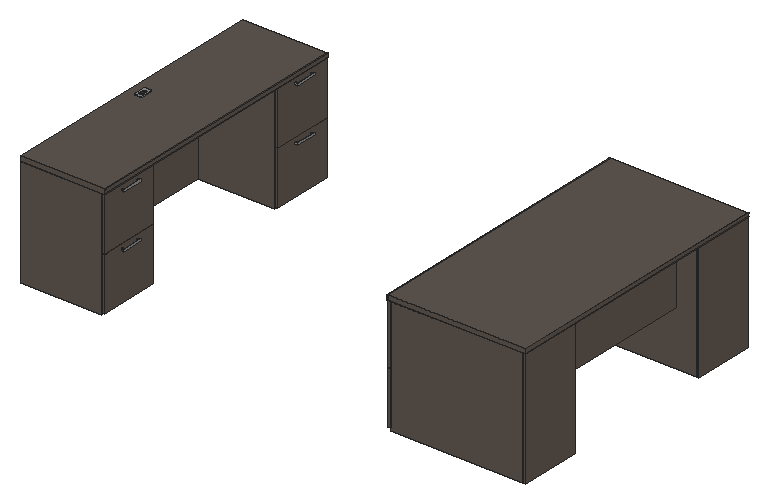
Revit family "T100295", category Furniture, Revit 2022
Family settings
  OmniClass Number = 23.40.20.00
  OmniClass Title = General Furniture and Specialties
  Work Plane-Based = No
  Always vertical = Yes
  Cut with Voids When Loaded = No
  Render Appearance Source = Family Geometry
  Shared = No
  Room Calculation Point = No
Parameters (values of type "T10095")
  URL = "https://ofs.com/"
  Manufacturer = "OFS"
  Description = "OFS TYPICAL T100295"
  Default Elevation = 0"
  Copyright © = "©OFS 2021"
  Catalog = "https://ofs.com/2020-experience"
  Authoring Version = "Autodesk Revit Architecture 2015"
  Assembly Code = "E2020400"
Reference planes (in)
  plane 1 "Center Front/Back": y = 0
  plane 2: z = 0
  plane 3 "Center Left/Right": x = 0
Dimensions and locks (in)
  aligned and locked: level to plane 2
Nested families (in)
  nested 1: "OFS ELEMENT OPEN L DESK LEFT AND RIGHT 84in Width 60in Return" at (102, 18.84375, 84), type "ELEMENT OPEN L DESK LEFT RETURN 84in Width 60in Return"
    with Right Desk Ovelay no, Left Desk Overlay no, Desk Overlay Option yes
  nested 2: "OFS IMPULSE G2 DOUBLE PEDESTAL KNEESPACE CREDENZAS" at (-58, 0, 0) x (0, 1, 0) z (0, 0, 1), type "Full Kneespace Credenza 72"
    with Groomet Option yes
  nested 3: "OFS IMPULSE G2 FULL DOUBLE PEDESTAL DESKS Breakfront" at (45, 0, 0) x (0, -1, 0) z (0, 0, 1), type "Full Double Pedestal Desk Breakfront - 72x36"
    with Modesty Open 14", Full Panel Modesty no
Definition of nested family "OFS IMPULSE G2 DOUBLE PEDESTAL KNEESPACE CREDENZAS"
  Parameters (values of type "Full Kneespace Credenza 72")
    URL = "https://ofs.com/"
    Model = "5-7222FCR2"
    Height = 28.187"
    Groomet Material = none
    Drawer Front Finish = none
    Top Material = none
    Manufacturer = "OFS"
    Edge Material = none
    Description = "OFS IMPULSE G2 KNEESPACE CREDENZA FULL PED 72X22"
    Width = 72"
    Default Elevation = 0"
    Copyright © = "©OFS 2020"
    Chassis Material = none
    Groomet Option [instance] = yes
    Catalog = "https://ofs.com/products/casegoods/private-office/impulse-g2"
    Authoring Version = "Autodesk Revit Architecture 2015"
    Assembly Code = "E2020200"
  Types (7): name | Model | Height | Description | Width
    (no name) | "5-7222FCR2" | 28.187" | "OFS IMPULSE G2 KNEESPACE CREDENZA FULL PED 72X22" | 72"
    Full Kneespace Credenza 60 | "5-6022FCR2" | 28.187" | "OFS IMPULSE G2 KNEESPACE CREDENZA FULL PED 60X22" | 60"
    Full Kneespace Credenza 66 | "5-6622FCR2" | 28.187" | "OFS IMPULSE G2 KNEESPACE CREDENZA FULL PED 66X22" | 66"
    Full Kneespace Credenza 72 | "5-7222FCR2" | 28.187" | "OFS IMPULSE G2 KNEESPACE CREDENZA FULL PED 72X22" | 72"
    3/4 Kneespace Credenza 60 | "5-6022CR2" | 21 1/4" | "OFS IMPULSE G2 KNEESPACE CREDENZA 3/4 PED 60X22" | 60"
    3/4 Kneespace Credenza 66 | "5-6622CR2" | 21 1/4" | "OFS IMPULSE G2 KNEESPACE CREDENZA 3/4 PED 66X22" | 66"
    3/4 Kneespace Credenza 72 | "5-7222CR2" | 21 1/4" | "OFS IMPULSE G2 KNEESPACE CREDENZA 3/4 PED 72X22" | 72"
  Reference planes (in)
    plane 1 "Center Front/Back": y = -4
    plane 2: z = 0
    plane 3 "Center Left/Right": x = 0
    plane 4 "LEFT": x = -36
    plane 5 "RIGHT": x = 36
    plane 6 "DESK TOP": z = 30
    plane 7 "BASE HEIGHT": z = 28.812
    plane 8 "FRONT": y = -15
    plane 9 "PEDESTAL BOTTOM": z = 0.5
    plane 10 "PEDESTAL TOP": z = 28.687
    plane 11: z = 1.063
    plane 12 "PEDESTAL FRONT": y = -14
    plane 13 "DRAWER FRONT": y = -14.75
    plane 14: z = 14.813
    plane 15: z = 14.938
    plane 16: x = -35.937
    plane 17: x = 35.937
    plane 18: x = -20.187
    plane 19: x = -20.124
    plane 20: x = 20.187
    plane 21: x = 20.124
    plane 22: x = -34.937
    plane 23: x = -20.874
    plane 24: x = 34.937
    plane 25: x = 20.874
    plane 26: z = 1.25
    plane 27 "MODESTY PANEL": y = 7
    plane 28: y = 5.95
    plane 29: y = 6.7
  Forms (in)
    Extrusion 1, solid, material <- "Drawer Front Finish"
      sketch origin (0, -14.75, 0) x (1, 0, 0) y (0, 0, 1)
        loop
          line (-35.937, 14.813) -> (-35.937, 1.063) -> (-20.187, 1.063) -> (-20.187, 14.813) -> (-35.937, 14.813)
      from -0.75 to 0
    Extrusion 2, solid
      sketch origin (0, -14.75, 0) x (1, 0, 0) y (0, 0, 1)
        loop
          line (-35.937, 28.687) -> (-35.937, 14.938) -> (-20.187, 14.938) -> (-20.187, 28.687) -> (-35.937, 28.687)
      from -0.75 to 0
    Extrusion 3, solid, material <- "Drawer Front Finish"
      sketch origin (0, -14.75, 0) x (-1, 0, 0) y (0, 0, -1)
        loop
          line (-35.937, -14.813) -> (-20.187, -14.813) -> (-20.187, -1.063) -> (-35.937, -1.063) -> (-35.937, -14.813)
      from -0.75 to 0
    Extrusion 4, solid, material <- "Drawer Front Finish"
      sketch origin (0, -14.75, 0) x (-1, 0, 0) y (0, 0, -1)
        loop
          line (-35.937, -28.687) -> (-20.187, -28.687) -> (-20.187, -14.938) -> (-35.937, -14.938) -> (-35.937, -28.687)
      from -0.75 to 0
    Extrusion 5, solid, material <- "Chassis Material"
      sketch origin (-36, 0, 0) x (0, 1, 0) y (0, 0, 1)
        loop
          line (-14, 28.687) -> (-14, 0.499) -> (7, 0.499) -> (7, 28.687) -> (-14, 28.687)
      from 0 to 1.063
    Extrusion 6, solid, material <- "Chassis Material"
      sketch origin (36, 0, 0) x (0, 1, 0) y (0, 0, -1)
        loop
          line (-14, -28.687) -> (7, -28.687) -> (7, -0.499) -> (-14, -0.499) -> (-14, -28.687)
      from 0 to 1.063
    Extrusion 7, solid, material <- "Chassis Material"
      sketch origin (18, 0, 0) x (0, 1, 0) y (0, 0, -1)
        loop
          line (-14, -28.812) -> (5.95, -28.812) -> (5.95, -0.5) -> (-14, -0.5) -> (-14, -28.812)
      from -2.874 to -2.124
    Extrusion 8, solid, material <- "Chassis Material"
      sketch origin (-15, 0, 0) x (0, 1, 0) y (0, 0, -1)
        loop
          line (-14, -28.812) -> (5.95, -28.812) -> (5.95, -0.5) -> (-14, -0.5) -> (-14, -28.812)
      from 5.124 to 5.874
    Extrusion 9, solid, material <- "Chassis Material"
      sketch origin (0, 7, 0) x (-1, 0, 0) y (0, 0, 1)
        loop
          line (-34.937, 28.812) -> (-34.937, 0.499) -> (34.937, 0.499) -> (34.937, 28.812) -> (-34.937, 28.812)
      from -1.05 to -0.3
    Extrusion 10, solid, material <- "Chassis Material"
      sketch origin (0, 0, 0.5) x (0, 1, 0) y (-1, 0, 0)
        loop
          line (5.95, 20.874) -> (5.95, 34.937) -> (-14, 34.937) -> (-14, 20.874) -> (5.95, 20.874)
      from 0 to 0.75
    Extrusion 11, solid, material <- "Chassis Material"
      sketch origin (0, 0, 0.5) x (0, 1, 0) y (-1, 0, 0)
        loop
          line (5.95, -20.874) -> (-14, -20.874) -> (-14, -34.937) -> (5.95, -34.937) -> (5.95, -20.874)
      from 0 to 0.75
    Extrusion 12, solid, material <- "Top Material"
      sketch origin (0, 0, 30) x (0, 1, 0) y (-1, 0, 0)
        loop
          line (7, 36) -> (-14.875, 36) -> (-14.875, -36) -> (7, -36) -> (7, 36)
      from -1.188 to 0
    Extrusion 13, solid, material <- "Edge Material"
      sketch origin (0, 0, 0) x (0, 1, 0) y (0, 0, 1)
        loop
          line (-14.875, 28.812) -> (-14.875, 30)
          arc (-14.875, 30) -> (-14.96339, 29.96339) -> (-15, 29.875) r 0.125
          line (-15, 29.875) -> (-15, 28.937)
          arc (-15, 28.937) -> (-14.96339, 28.84861) -> (-14.875, 28.812) r 0.125
      from -36 to 36
    Extrusion 14, solid
      sketch origin (-19.03911, -15.37535, 22.938) x (1, 0, 0) y (0, 1, 0)
        loop
          line (-11.74164, 0.62535) -> (-11.74164, -0.37465) -> (-6.30414, -0.37465) -> (-6.30414, 0.62535) -> (-6.67914, 0.62535) -> (-6.67914, -0.18715) -> (-11.36664, -0.18715) -> (-11.36664, 0.62535) -> (-11.74164, 0.62535)
      from 4.53125 to 5
    Extrusion 15, solid
      sketch origin (-19.03911, -15.37535, 9.063) x (1, 0, 0) y (0, 1, 0)
        loop
          line (-11.74164, 0.62535) -> (-11.74164, -0.37465) -> (-6.30414, -0.37465) -> (-6.30414, 0.62535) -> (-6.67914, 0.62535) -> (-6.67914, -0.18715) -> (-11.36664, -0.18715) -> (-11.36664, 0.62535) -> (-11.74164, 0.62535)
      from 4.53125 to 5
    Extrusion 16, solid
      sketch origin (19.03911, -15.37535, 22.938) x (-1, 0, 0) y (0, -1, 0)
        loop
          line (-11.74164, -0.62535) -> (-11.36664, -0.62535) -> (-11.36664, 0.18715) -> (-6.67914, 0.18715) -> (-6.67914, -0.62535) -> (-6.30414, -0.62535) -> (-6.30414, 0.37465) -> (-11.74164, 0.37465) -> (-11.74164, -0.62535)
      from 4.53125 to 5
    Extrusion 17, solid
      sketch origin (19.03911, -15.37535, 9.063) x (-1, 0, 0) y (0, -1, 0)
        loop
          line (-11.74164, -0.62535) -> (-11.36664, -0.62535) -> (-11.36664, 0.18715) -> (-6.67914, 0.18715) -> (-6.67914, -0.62535) -> (-6.30414, -0.62535) -> (-6.30414, 0.37465) -> (-11.74164, 0.37465) -> (-11.74164, -0.62535)
      from 4.53125 to 5
    Extrusion 18, solid
      sketch origin (0, 0, 28.687) x (0, 1, 0) y (-1, 0, 0)
        loop
          line (6.875, 34.937) -> (6.875, 35.875) -> (-14, 35.875) -> (-14, 34.937) -> (6.875, 34.937)
      from 0 to 0.125
    Extrusion 19, solid
      sketch origin (0, 0, 28.687) x (0, 1, 0) y (-1, 0, 0)
        loop
          line (6.875, -34.937) -> (-14, -34.937) -> (-14, -35.875) -> (6.875, -35.875) -> (6.875, -34.937)
      from 0 to 0.125
    Extrusion 20, solid, material <- "Groomet Material", visible <- "Groomet Option"
      sketch origin (0, -7, 29.972) x (0, 1, 0) y (-1, 0, 0)
        loop
          arc (12, 1.25) -> (11.87186, 1.55936) -> (11.5625, 1.6875) r 0.4375
          line (11.5625, 1.6875) -> (10.4375, 1.6875)
          arc (10.4375, 1.6875) -> (10.12814, 1.55936) -> (10, 1.25) r 0.4375
          line (10, 1.25) -> (10, 0) -> (10.62004, 0) -> (10.62004, 0.4375)
          arc (10.62004, 0.4375) -> (10.69471, 0.61779) -> (10.875, 0.69246) r 0.25496
          line (10.875, 0.69246) -> (11.125, 0.69246)
          arc (11.125, 0.69246) -> (11.30529, 0.61779) -> (11.37996, 0.4375) r 0.25496
          line (11.37996, 0.4375) -> (11.37996, 0) -> (12, 0) -> (12, 1.25)
      from 0.028 to 0.098
    Sweep 21, void
      path origin (0, -7, 30) x (0, 1, 0) y (-1, 0, 0)
        loop
          line (11.37996, 0) -> (11.37996, 0.4375)
          arc (11.37996, 0.4375) -> (11.30529, 0.61779) -> (11.125, 0.69246) r 0.25496
          line (11.125, 0.69246) -> (10.875, 0.69246)
          arc (10.875, 0.69246) -> (10.69471, 0.61779) -> (10.62004, 0.4375) r 0.25496
          line (10.62004, 0.4375) -> (10.62004, 0)
      profile origin (-0.69246, 4, 30) x (1, 0, 0) y (0, 0, 1)
        loop
          arc (-0.07, 0.07) -> (-0.0205, 0.0495) -> (0, 0) r 0.07
          line (0, 0) -> (0, 0.07) -> (-0.07, 0.07)
    Extrusion 22, solid, material <- "Groomet Material", visible <- "Groomet Option"
      sketch origin (0, -7, 29.942) x (0, 1, 0) y (-1, 0, 0)
        loop
          line (12, -1.25) -> (12, 0) -> (11.37996, 0) -> (11.37996, -0.4375)
          arc (11.37996, -0.4375) -> (11.30529, -0.61779) -> (11.125, -0.69246) r 0.25496
          line (11.125, -0.69246) -> (10.875, -0.69246)
          arc (10.875, -0.69246) -> (10.69471, -0.61779) -> (10.62004, -0.4375) r 0.25496
          line (10.62004, -0.4375) -> (10.62004, 0) -> (10, 0) -> (10, -1.25)
          arc (10, -1.25) -> (10.12814, -1.55936) -> (10.4375, -1.6875) r 0.4375
          line (10.4375, -1.6875) -> (11.5625, -1.6875)
          arc (11.5625, -1.6875) -> (11.87186, -1.55936) -> (12, -1.25) r 0.4375
      from 0.058 to 0.128
    Sweep 23, void
      path origin (0, -7, 30) x (0, 1, 0) y (1, 0, 0)
        loop
          line (11.37996, 0) -> (11.37996, 0.4375)
          arc (11.37996, 0.4375) -> (11.30529, 0.61779) -> (11.125, 0.69246) r 0.25496
          line (11.125, 0.69246) -> (10.875, 0.69246)
          arc (10.875, 0.69246) -> (10.69471, 0.61779) -> (10.62004, 0.4375) r 0.25496
          line (10.62004, 0.4375) -> (10.62004, 0)
      profile origin (0.69247, 4, 30) x (1, 0, 0) y (0, 0, 1)
        loop
          line (0.07, 0.07) -> (0, 0.07) -> (0, 0)
          arc (0, 0) -> (0.0205, 0.0495) -> (0.07, 0.07) r 0.07
    Extrusion 24, void
      sketch origin (0, 0, 30) x (0, 1, 0) y (-1, 0, 0)
        loop
          line (3.5, 0.75) -> (3.5, -0.75) -> (4.5, -0.75) -> (4.5, 0.75) -> (3.5, 0.75)
      from -1.188 to 0
  Cuts and joins
    Sweep 21, Extrusion 24 cuts Extrusion 20
    Sweep 21, Sweep 23, Extrusion 24 cuts Extrusion 22
    joined: Extrusion 20, Extrusion 22
    Extrusion 24 cuts Extrusion 12
  Lines and regions (in)
    Masking region 1
      outline origin (0, 0, 0) x (1, 0, 0) y (0, 1, 0)
        loop
          line (-36, 7) -> (-36, -15) -> (36, -15) -> (36, 7) -> (-36, 7)
    Masking region 2
      outline origin (0, 0, 0) x (1, 0, 0) y (0, 1, 0)
        loop
          line (-30.78075, -15) -> (-30.78075, -15.75) -> (-25.34325, -15.75) -> (-25.34325, -15) -> (-25.71825, -15) -> (-25.71825, -15.5625) -> (-30.40575, -15.5625) -> (-30.40575, -15) -> (-30.78075, -15)
    Masking region 3
      outline origin (0, 0, 0) x (0, 1, 0) y (-1, 0, 0)
        loop
          line (-15, -30.78075) -> (-15, -30.40575) -> (-15.5625, -30.40575) -> (-15.5625, -25.71825) -> (-15, -25.71825) -> (-15, -25.34325) -> (-15.75, -25.34325) -> (-15.75, -30.78075) -> (-15, -30.78075)
    Masking region 4, visible <- "Groomet Option"
      outline origin (0, -7, 30) x (0, 1, 0) y (-1, 0, 0)
        loop
          arc (12, 1.25) -> (11.87186, 1.55936) -> (11.5625, 1.6875) r 0.4375
          line (11.5625, 1.6875) -> (10.4375, 1.6875)
          arc (10.4375, 1.6875) -> (10.12814, 1.55936) -> (10, 1.25) r 0.4375
          line (10, 1.25) -> (10, 0) -> (10.62004, 0) -> (10.62004, 0.4375)
          arc (10.62004, 0.4375) -> (10.69471, 0.61779) -> (10.875, 0.69246) r 0.25496
          line (10.875, 0.69246) -> (11.125, 0.69246)
          arc (11.125, 0.69246) -> (11.30529, 0.61779) -> (11.37996, 0.4375) r 0.25496
          line (11.37996, 0.4375) -> (11.37996, 0) -> (12, 0) -> (12, 1.25)
    Masking region 5, visible <- "Groomet Option"
      outline origin (0, -7, 30) x (1, 0, 0) y (0, 1, 0)
        loop
          line (1.25, 12) -> (0, 12) -> (0, 11.37996) -> (0.4375, 11.37996)
          arc (0.4375, 11.37996) -> (0.61779, 11.30529) -> (0.69246, 11.125) r 0.25496
          line (0.69246, 11.125) -> (0.69246, 10.875)
          arc (0.69246, 10.875) -> (0.61779, 10.69471) -> (0.4375, 10.62004) r 0.25496
          line (0.4375, 10.62004) -> (0, 10.62004) -> (0, 10) -> (1.25, 10)
          arc (1.25, 10) -> (1.55936, 10.12814) -> (1.6875, 10.4375) r 0.4375
          line (1.6875, 10.4375) -> (1.6875, 11.5625)
          arc (1.6875, 11.5625) -> (1.55936, 11.87186) -> (1.25, 12) r 0.4375
  Dimensions and locks (in)
    equal spacing: plane 4 "LEFT", plane 3 "Center Left/Right", plane 5 "RIGHT"
    "Width": plane 4 "LEFT" to plane 5 "RIGHT"
    plane 15 to plane 14 to plane 11 = 1/8" locked, 13 3/4" locked
    plane 26 to plane 11 to plane 9 "PEDESTAL BOTTOM" = 0.187" locked, 0.563" locked
    locked: Extrusion 6 to Extrusion 5 sketch curve at 28.188
    locked: Extrusion 9 sketch curve to Extrusion 12 at 28.313
    plane 14 to Extrusion 17 to Extrusion 17 = 3/4" locked, 15/32" locked
    locked: plane 6 "DESK TOP" to plane 2 at 30
    plane 6 "DESK TOP" to plane 7 "BASE HEIGHT" to plane 10 "PEDESTAL TOP" = 1.188" locked, 1/8" locked
    "Height": plane 10 "PEDESTAL TOP" to plane 9 "PEDESTAL BOTTOM"
    plane 27 "MODESTY PANEL" to plane 29 to plane 28 = 0.3" locked, 3/4" locked
    locked: plane 8 "FRONT" to plane 27 "MODESTY PANEL" at 22
    equal spacing: plane 27 "MODESTY PANEL", plane 1 "Center Front/Back", plane 8 "FRONT"
    plane 4 "LEFT" to plane 16 to plane 22 to plane 23 to plane 18 to plane 19 = 0.063" locked, 1" locked, 14.063" locked, 0.687" locked, 0.063" locked
    plane 21 to plane 20 to plane 25 to plane 24 to plane 17 to plane 5 "RIGHT" = 0.063" locked, 0.687" locked, 14.063" locked, 1" locked, 0.063" locked
    aligned and locked: plane 16 to Extrusion 1 sketch curve
    aligned and locked: Extrusion 1 sketch curve to plane 14
    aligned and locked: plane 11 to Extrusion 1 sketch curve
    aligned and locked: Extrusion 1 sketch curve to plane 18
    aligned and locked: plane 18 to Extrusion 2 sketch curve
    aligned and locked: plane 10 "PEDESTAL TOP" to Extrusion 2 sketch curve
    aligned: Extrusion 2 to plane 12 "PEDESTAL FRONT"
    aligned: plane 13 "DRAWER FRONT" to Extrusion 2
    aligned and locked: Extrusion 1 to plane 12 "PEDESTAL FRONT"
    aligned and locked: plane 13 "DRAWER FRONT" to Extrusion 1
    aligned and locked: plane 10 "PEDESTAL TOP" to Extrusion 5 sketch curve
    aligned and locked: plane 12 "PEDESTAL FRONT" to Extrusion 5 sketch curve
    aligned: Extrusion 5 to plane 4 "LEFT"
    aligned: plane 22 to Extrusion 5
    aligned and locked: plane 5 "RIGHT" to Extrusion 6
    aligned and locked: plane 24 to Extrusion 6
    aligned and locked: Extrusion 8 to plane 23
    aligned and locked: plane 19 to Extrusion 8
    aligned and locked: Extrusion 7 to plane 25
    aligned and locked: plane 21 to Extrusion 7
    aligned and locked: plane 7 "BASE HEIGHT" to Extrusion 7
    aligned: Extrusion 6 to plane 9 "PEDESTAL BOTTOM"
    aligned and locked: Extrusion 7 to plane 9 "PEDESTAL BOTTOM"
    aligned and locked: Extrusion 8 to plane 9 "PEDESTAL BOTTOM"
    aligned and locked: plane 7 "BASE HEIGHT" to Extrusion 8
    aligned and locked: plane 7 "BASE HEIGHT" to Extrusion 9 sketch curve
    aligned and locked: Extrusion 9 sketch curve to plane 24
    aligned and locked: Extrusion 9 sketch curve to plane 22
    aligned: Extrusion 9 to plane 28
    aligned: plane 27 "MODESTY PANEL" to Extrusion 9
    aligned and locked: plane 28 to Extrusion 8
    aligned and locked: plane 28 to Extrusion 7
    aligned and locked: Extrusion 10 sketch curve to plane 22
    aligned and locked: plane 28 to Extrusion 10 sketch curve
    aligned and locked: plane 23 to Extrusion 10 sketch curve
    aligned and locked: plane 12 "PEDESTAL FRONT" to Extrusion 10 sketch curve
    aligned and locked: Extrusion 10 to plane 9 "PEDESTAL BOTTOM"
    aligned and locked: plane 26 to Extrusion 10
    aligned and locked: Extrusion 11 to plane 9 "PEDESTAL BOTTOM"
    aligned and locked: plane 26 to Extrusion 11
    aligned and locked: Extrusion 11 sketch curve to plane 28
    aligned and locked: Extrusion 11 sketch curve to plane 25
    aligned and locked: plane 24 to Extrusion 11 sketch curve
    aligned and locked: Extrusion 11 sketch curve to plane 12 "PEDESTAL FRONT"
    aligned and locked: Extrusion 12 to plane 7 "BASE HEIGHT"
    aligned and locked: plane 6 "DESK TOP" to Extrusion 12
    aligned and locked: Extrusion 13 sketch curve to plane 8 "FRONT"
    aligned and locked: Extrusion 13 to plane 4 "LEFT"
    aligned and locked: plane 5 "RIGHT" to Extrusion 13
    aligned and locked: plane 15 to Extrusion 4 sketch curve
    aligned and locked: Extrusion 17 to Extrusion 15
    aligned and locked: Extrusion 15 to Extrusion 17
    aligned and locked: Extrusion 18 to plane 10 "PEDESTAL TOP"
    aligned and locked: plane 7 "BASE HEIGHT" to Extrusion 18
    aligned and locked: level to plane 2
    aligned and locked: Extrusion 9 to Extrusion 6
    aligned and locked: Extrusion 2 sketch curve to plane 15
    aligned and locked: Masking region 1 sketch curve to plane 27 "MODESTY PANEL"
    aligned and locked: plane 27 "MODESTY PANEL" to Extrusion 5
    aligned and locked: Extrusion 12 sketch curve to Masking region 1
    aligned and locked: plane 27 "MODESTY PANEL" to Extrusion 6
    aligned and locked: plane 29 to Extrusion 9
    aligned and locked: Extrusion 9 to plane 28
    aligned and locked: Extrusion 20 to Sweep 21
    aligned and locked: Extrusion 22 to Sweep 21
    aligned and locked: plane 6 "DESK TOP" to cut or joined group of Extrusion 12, Extrusion 24
    aligned and locked: cut or joined group of Extrusion 12, Extrusion 24 to plane 7 "BASE HEIGHT"
  Automatic sketch dimensions
    Extrusion 2 sketch curve to plane 16 = 0"
    plane 8 "FRONT" to Masking region 2 sketch curve = 0"  (x2)
    plane 22 to Masking region 2 sketch curve = 4 5/32"
    Masking region 2 sketch curve to Masking region 2 sketch curve = 3/8"  (x2)
    plane 8 "FRONT" to Masking region 2 sketch curve = 9/16"
    Masking region 2 sketch curve to Masking region 2 sketch curve = 4 11/16"
    Masking region 2 sketch curve to Masking region 2 sketch curve = 3/16"
    Extrusion 3 sketch curve to plane 14 = 0"
    Extrusion 3 sketch curve to plane 17 = 0"
    Extrusion 3 sketch curve to plane 11 = 0"
    plane 20 to Extrusion 3 sketch curve = 0"
    Extrusion 4 sketch curve to plane 17 = 0"
    Extrusion 4 sketch curve to plane 10 "PEDESTAL TOP" = 0"
    plane 20 to Extrusion 4 sketch curve = 0"
    Extrusion 5 sketch curve to plane 27 "MODESTY PANEL" = 0"
    Extrusion 6 sketch curve to plane 10 "PEDESTAL TOP" = 0"
    Extrusion 6 sketch curve to plane 12 "PEDESTAL FRONT" = 0"
    Extrusion 6 sketch curve to plane 27 "MODESTY PANEL" = 0"
    level to Extrusion 6 sketch curve = 0.499"
    Extrusion 7 sketch curve to plane 7 "BASE HEIGHT" = 0"
    Extrusion 7 sketch curve to plane 12 "PEDESTAL FRONT" = 0"
    Extrusion 7 sketch curve to plane 9 "PEDESTAL BOTTOM" = 0"
    Extrusion 7 sketch curve to plane 28 = 0"
    Extrusion 8 sketch curve to plane 7 "BASE HEIGHT" = 0"
    Extrusion 8 sketch curve to plane 12 "PEDESTAL FRONT" = 0"
    Extrusion 8 sketch curve to plane 9 "PEDESTAL BOTTOM" = 0"
    Extrusion 8 sketch curve to plane 28 = 0"
    Extrusion 12 sketch curve to plane 4 "LEFT" = 0"
    Extrusion 12 sketch curve to plane 5 "RIGHT" = 0"
    Extrusion 12 sketch curve to plane 8 "FRONT" = 1/8"
    Extrusion 13 sketch curve to plane 6 "DESK TOP" = 0"
    Extrusion 13 sketch curve to plane 7 "BASE HEIGHT" = 0"
    Extrusion 13 sketch curve to plane 8 "FRONT" = 1/8"
    plane 13 "DRAWER FRONT" to Extrusion 14 sketch curve = 0"  (x2)
    plane 22 to Extrusion 14 sketch curve = 4 5/32"
    Extrusion 14 sketch curve to Extrusion 14 sketch curve = 3/8"  (x2)
    plane 8 "FRONT" to Extrusion 14 sketch curve = 9/16"
    Extrusion 14 sketch curve to Extrusion 14 sketch curve = 4 11/16"
    Extrusion 14 sketch curve to Extrusion 14 sketch curve = 3/16"
    plane 13 "DRAWER FRONT" to Extrusion 15 sketch curve = 0"  (x2)
    plane 22 to Extrusion 15 sketch curve = 4 5/32"
    Extrusion 15 sketch curve to Extrusion 15 sketch curve = 3/8"  (x2)
    plane 8 "FRONT" to Extrusion 15 sketch curve = 9/16"
    Extrusion 15 sketch curve to Extrusion 15 sketch curve = 4 11/16"
    Extrusion 15 sketch curve to Extrusion 15 sketch curve = 3/16"
    plane 13 "DRAWER FRONT" to Extrusion 16 sketch curve = 0"  (x2)
    plane 24 to Extrusion 16 sketch curve = 4 5/32"
    Extrusion 16 sketch curve to Extrusion 16 sketch curve = 3/8"  (x2)
    plane 8 "FRONT" to Extrusion 16 sketch curve = 9/16"
    Extrusion 16 sketch curve to Extrusion 16 sketch curve = 4 11/16"
    Extrusion 16 sketch curve to Extrusion 16 sketch curve = 3/16"
    plane 13 "DRAWER FRONT" to Extrusion 17 sketch curve = 0"  (x2)
    plane 24 to Extrusion 17 sketch curve = 4 5/32"
    Extrusion 17 sketch curve to Extrusion 17 sketch curve = 3/8"  (x2)
    plane 8 "FRONT" to Extrusion 17 sketch curve = 9/16"
    Extrusion 17 sketch curve to Extrusion 17 sketch curve = 4 11/16"
    Extrusion 17 sketch curve to Extrusion 17 sketch curve = 3/16"
    Masking region 1 sketch curve to plane 4 "LEFT" = 0"
    Masking region 1 sketch curve to plane 5 "RIGHT" = 0"
    plane 8 "FRONT" to Masking region 1 sketch curve = 0"
    plane 8 "FRONT" to Masking region 3 sketch curve = 0"  (x2)
    Masking region 3 sketch curve to Masking region 3 sketch curve = 9/16"
    Masking region 3 sketch curve to Masking region 3 sketch curve = 3/16"
    plane 24 to Masking region 3 sketch curve = 4 5/32"
    Masking region 3 sketch curve to Masking region 3 sketch curve = 3/8"  (x2)
    Masking region 3 sketch curve to Masking region 3 sketch curve = 4 11/16"
    plane 12 "PEDESTAL FRONT" to Extrusion 18 sketch curve = 0"
    Extrusion 18 sketch curve to plane 22 = 0"
    plane 16 to Extrusion 18 sketch curve = 0.062"
    Extrusion 18 sketch curve to plane 27 "MODESTY PANEL" = 1/8"
    plane 12 "PEDESTAL FRONT" to Extrusion 19 sketch curve = 0"
    Extrusion 19 sketch curve to plane 24 = 0"
    plane 17 to Extrusion 19 sketch curve = 0.062"
    plane 27 "MODESTY PANEL" to Extrusion 19 sketch curve = 1/8"
    Extrusion 20 sketch curve to plane 3 "Center Left/Right" = 1 1/4"
    Extrusion 20 sketch curve to plane 1 "Center Front/Back" = 7"
    Extrusion 20 sketch curve to Extrusion 20 sketch curve = 7/16"  (x3)
    Extrusion 20 sketch curve to Extrusion 20 sketch curve = 0.62004"  (x2)
    Extrusion 20 sketch curve to Extrusion 20 sketch curve = 0.25496"  (x2)
    Extrusion 20 sketch curve to Extrusion 20 sketch curve = 1/4"
    Extrusion 20 sketch curve to plane 3 "Center Left/Right" = 0"  (x2)
    Sweep 21 sketch curve to plane 3 "Center Left/Right" = 7/16"
    Sweep 21 sketch curve to plane 1 "Center Front/Back" = 7.62004"
    Sweep 21 sketch curve to Sweep 21 sketch curve = 0.25496"  (x2)
    Sweep 21 sketch curve to Sweep 21 sketch curve = 1/4"
    Sweep 21 sketch curve to plane 3 "Center Left/Right" = 0"  (x2)
    Sweep 21 sketch curve to profile plane = 0"
    profile plane to Sweep 21 sketch curve = 0"
    profile plane to Sweep 21 sketch curve = 0.07"
    plane 3 "Center Left/Right" to Extrusion 22 sketch curve = 1 1/4"
    Extrusion 22 sketch curve to plane 1 "Center Front/Back" = 7"
    Extrusion 22 sketch curve to Extrusion 22 sketch curve = 7/16"  (x2)
    plane 3 "Center Left/Right" to Extrusion 22 sketch curve = 7/16"
    Extrusion 22 sketch curve to Extrusion 22 sketch curve = 0.62004"  (x2)
    Extrusion 22 sketch curve to Extrusion 22 sketch curve = 0.25496"  (x2)
    Extrusion 22 sketch curve to Extrusion 22 sketch curve = 1/4"
    plane 3 "Center Left/Right" to Extrusion 22 sketch curve = 0"  (x2)
    Sweep 23 sketch curve to plane 3 "Center Left/Right" = 7/16"
    plane 1 "Center Front/Back" to Sweep 23 sketch curve = 7.62004"
    Sweep 23 sketch curve to Sweep 23 sketch curve = 0.25496"  (x2)
    Sweep 23 sketch curve to Sweep 23 sketch curve = 1/4"
    Sweep 23 sketch curve to plane 3 "Center Left/Right" = 0"  (x2)
    profile plane to Sweep 23 sketch curve = 0"
    Sweep 23 sketch curve to profile plane = 0"
    Sweep 23 sketch curve to Sweep 23 sketch curve = 0.07"
    Masking region 4 sketch curve to plane 1 "Center Front/Back" = 7"
    Masking region 4 sketch curve to Masking region 4 sketch curve = 7/16"  (x3)
    Masking region 4 sketch curve to plane 3 "Center Left/Right" = 0"  (x2)
    Masking region 4 sketch curve to Masking region 4 sketch curve = 0.62004"  (x2)
    Masking region 4 sketch curve to Masking region 4 sketch curve = 0.25496"  (x2)
    Masking region 4 sketch curve to Masking region 4 sketch curve = 1/4"
    Masking region 4 sketch curve to Masking region 4 sketch curve = 13/16"
    plane 3 "Center Left/Right" to Masking region 5 sketch curve = 0"  (x2)
    plane 3 "Center Left/Right" to Masking region 5 sketch curve = 7/16"
    Masking region 5 sketch curve to Masking region 5 sketch curve = 0"
    Masking region 5 sketch curve to Masking region 5 sketch curve = 0.25496"
    Masking region 5 sketch curve to Masking region 5 sketch curve = 13/16"
    Masking region 5 sketch curve to Masking region 5 sketch curve = 0.55754"
    Masking region 5 sketch curve to Masking region 5 sketch curve = 7/16"  (x2)
    Masking region 5 sketch curve to plane 1 "Center Front/Back" = 7"
    Masking region 5 sketch curve to Masking region 5 sketch curve = 0.62004"
    Masking region 5 sketch curve to Masking region 5 sketch curve = 1/4"
    Extrusion 24 sketch curve to plane 28 = 2.45"
    Extrusion 24 sketch curve to Extrusion 24 sketch curve = 1"
    Extrusion 24 sketch curve to plane 3 "Center Left/Right" = 3/4"
    plane 3 "Center Left/Right" to Extrusion 24 sketch curve = 3/4"
Definition of nested family "OFS IMPULSE G2 FULL DOUBLE PEDESTAL DESKS Breakfront"
  Parameters (values of type "Full Double Pedestal Desk Breakfront - 72x36")
    Width = 72"
    URL = "https://ofs.com/"
    Overhang = 0"
    Modesty Open [instance] = if(Full Panel Modesty, 0", 14")  # 14"
    Height = 30"
    Model = "5-6030FDP2"
    Full Panel Modesty [instance] = no
    Drawer Front = none
    Depth = 36"
    Top Material = none
    Manufacturer = "OFS"
    Edge Material = none
    Description = "OFS IMPULSE G2 FULL DOUBLE PEDESTAL DESK, FULL WIDTH WORKSURFACE ATTACHED MODESTY, 72\" Width X 36\" Depth"
    Default Elevation = 0"
    Copyright © = "©OFS 2020"
    Chassis Material = none
    Catalog = "https://ofs.com/products/casegoods/private-office/impulse-g2"
    Authoring Version = "Autodesk Revit Architecture 2015"
    Assembly Code = "E2020200"
  Types (5): name | Width | Model | Depth | Description
    (no name) | 72" | "5-6030FDP2" | 36" | "OFS IMPULSE G2 FULL DOUBLE PEDESTAL DESK, FULL WIDTH WORKSURFACE ATTACHED MODESTY, 72\" Width X 36\" Depth"
    Full Double Pedestal Desk Breakfront - 60x30 | 60" | "5-6030FDP2" | 30" | "OFS IMPULSE G2 FULL DOUBLE PEDESTAL DESK, FULL WIDTH WORKSURFACE ATTACHED MODESTY, 60\" Width X 30\" Depth"
    Full Double Pedestal Desk Breakfront - 66x30 | 66" | "5-6630FDP2" | 30" | "OFS IMPULSE G2 FULL DOUBLE PEDESTAL DESK, FULL WIDTH WORKSURFACE ATTACHED MODESTY, 66\" Width X 30\" Depth"
    Full Double Pedestal Desk Breakfront - 72x30 | 72" | "5-7230FDP2" | 30" | "OFS IMPULSE G2 FULL DOUBLE PEDESTAL DESK, FULL WIDTH WORKSURFACE ATTACHED MODESTY, 72\" Width X 30\" Depth"
    Full Double Pedestal Desk Breakfront - 72x36 | 72" | "5-6030FDP2" | 36" | "OFS IMPULSE G2 FULL DOUBLE PEDESTAL DESK, FULL WIDTH WORKSURFACE ATTACHED MODESTY, 72\" Width X 36\" Depth"
  Reference planes (in)
    plane 1 "Center Front/Back": y = 3
    plane 2: z = 1.313
    plane 3 "Center Left/Right": x = 0
    plane 4 "LEFT": x = -36
    plane 5 "RIGHT": x = 36
    plane 6 "DESK TOP": z = 31.313
    plane 7 "BASE HEIGHT": z = 30.125
    plane 8 "FRONT": y = -15
    plane 9 "PEDESTAL BOTTOM": z = 0
    plane 10 "PEDESTAL TOP": z = 30
    plane 11: z = 0.563
    plane 12 "PEDESTAL FRONT": y = -14
    plane 13 "DRAWER FRONT": y = -14.75
    plane 14 "ARC DEPTH": y = 21
    plane 15: z = 14.313
    plane 16: z = 14.438
    plane 17: z = 23.187
    plane 18: z = 23.063
    plane 19: x = -35.937
    plane 20: x = 35.937
    plane 21: x = -20.187
    plane 22: x = -20.124
    plane 23: x = 20.187
    plane 24: x = 20.124
    plane 25: x = -34.937
    plane 26: x = -20.874
    plane 27: x = 34.937
    plane 28: x = 20.874
    plane 29: z = 0.75
    plane 30 "MODESTY PANEL": y = 21
    plane 31: y = 20.25
    plane 32: y = 20.875
    plane 33: y = 15
    plane 34: y = 14.25
    plane 35: z = 14
  Forms (in)
    Extrusion 1, solid, material <- "Drawer Front"
      sketch origin (0, -14.75, 0) x (1, 0, 0) y (0, 0, 1)
        loop
          line (-35.937, 14.313) -> (-35.937, 0.563) -> (-20.187, 0.563) -> (-20.187, 14.313) -> (-35.937, 14.313)
      from -0.75 to 0
    Extrusion 2, solid
      sketch origin (0, -14.75, 0) x (1, 0, 0) y (0, 0, 1)
        loop
          line (-35.937, 23.063) -> (-35.937, 14.438) -> (-20.187, 14.438) -> (-20.187, 23.063) -> (-35.937, 23.063)
      from -0.75 to 0
    Extrusion 3, solid
      sketch origin (0, -14.75, 0) x (1, 0, 0) y (0, 0, 1)
        loop
          line (-35.937, 30) -> (-35.937, 23.187) -> (-20.187, 23.187) -> (-20.187, 30) -> (-35.937, 30)
      from -0.75 to 0
    Extrusion 4, solid, material <- "Drawer Front"
      sketch origin (0, -14.75, 0) x (-1, 0, 0) y (0, 0, -1)
        loop
          line (-35.937, -14.313) -> (-20.187, -14.313) -> (-20.187, -0.563) -> (-35.937, -0.563) -> (-35.937, -14.313)
      from -0.75 to 0
    Extrusion 5, solid, material <- "Drawer Front"
      sketch origin (0, -14.75, 0) x (-1, 0, 0) y (0, 0, -1)
        loop
          line (-35.937, -30) -> (-20.187, -30) -> (-20.187, -14.438) -> (-35.937, -14.438) -> (-35.937, -30)
      from -0.75 to 0
    Extrusion 6, solid, material <- "Chassis Material"
      sketch origin (-36, 0, 0) x (0, 1, 0) y (0, 0, 1)
        loop
          line (-14, 30) -> (-14, 0) -> (20.25, 0) -> (20.25, 30) -> (-14, 30)
      from 0 to 1.063
    Extrusion 7, solid, material <- "Chassis Material"
      sketch origin (36, 0, 0) x (0, 1, 0) y (0, 0, -1)
        loop
          line (-14, -30) -> (20.25, -30) -> (20.25, 0.001) -> (-14, 0.001) -> (-14, -30)
      from 0 to 1.063
    Extrusion 8, solid, material <- "Chassis Material"
      sketch origin (18, 0, 0) x (0, 1, 0) y (0, 0, -1)
        loop
          line (-14, -30.125) -> (20.25, -30.125) -> (20.25, 0) -> (-14, 0) -> (-14, -30.125)
      from -2.874 to -2.124
    Extrusion 9, solid, material <- "Chassis Material"
      sketch origin (-15, 0, 0) x (0, 1, 0) y (0, 0, -1)
        loop
          line (-14, -30.125) -> (20.25, -30.125) -> (20.25, 0) -> (-14, 0) -> (-14, -30.125)
      from 5.124 to 5.874
    Extrusion 10, solid, material <- "Chassis Material"
      sketch origin (0, 21, 0) x (-1, 0, 0) y (0, 0, 1)
        loop
          line (20.124, 30.125) -> (20.124, 0) -> (36, 0) -> (36, 30.125) -> (20.124, 30.125)
      from -0.75 to 0
    Extrusion 11, solid, material <- "Chassis Material"
      sketch origin (0, 0, 0) x (0, 1, 0) y (-1, 0, 0)
        loop
          line (20.25, 20.874) -> (20.25, 34.937) -> (-14, 34.937) -> (-14, 20.874) -> (20.25, 20.874)
      from 0 to 0.75
    Extrusion 12, solid, material <- "Chassis Material"
      sketch origin (0, 0, 0) x (0, 1, 0) y (-1, 0, 0)
        loop
          line (20.25, -20.874) -> (-14, -20.874) -> (-14, -34.937) -> (20.25, -34.937) -> (20.25, -20.874)
      from 0 to 0.75
    Sweep 13, solid, material <- "Edge Material"
      path origin (0, 0, 31.313) x (0, 1, 0) y (-1, 0, 0)
        loop
          line (20.875, 36) -> (20.875, -36)
      profile origin (0, 20.875, 31.313) x (0, 1, 0) y (0, 0, 1)
        loop
          arc (0, -1.188) -> (0.08839, -1.15139) -> (0.125, -1.063) r 0.125
          line (0.125, -1.063) -> (0.125, -0.125)
          arc (0.125, -0.125) -> (0.08839, -0.03661) -> (0, 0) r 0.125
          line (0, 0) -> (0, -1.188)
    Extrusion 14, solid, material <- "Top Material"
      sketch origin (0, 0, 31.313) x (0, 1, 0) y (-1, 0, 0)
        loop
          line (20.875, 36) -> (-14.875, 36) -> (-14.875, -36) -> (20.875, -36) -> (20.875, 36)
      from -1.188 to 0
    Extrusion 15, solid, material <- "Edge Material"
      sketch origin (0, 0, 0) x (0, 1, 0) y (0, 0, 1)
        loop
          line (-14.875, 30.125) -> (-14.875, 31.313)
          arc (-14.875, 31.313) -> (-14.96339, 31.27639) -> (-15, 31.188) r 0.125
          line (-15, 31.188) -> (-15, 30.25)
          arc (-15, 30.25) -> (-14.96339, 30.16161) -> (-14.875, 30.125) r 0.125
      from -36 to 36
    Extrusion 16, solid
      sketch origin (-19.03911, -15.37535, 16.001) x (1, 0, 0) y (0, 1, 0)
        loop
          line (-11.74164, 0.62535) -> (-11.74164, -0.37465) -> (-6.30414, -0.37465) -> (-6.30414, 0.62535) -> (-6.67914, 0.62535) -> (-6.67914, -0.18715) -> (-11.36664, -0.18715) -> (-11.36664, 0.62535) -> (-11.74164, 0.62535)
      from 4.53125 to 5
    Extrusion 17, solid
      sketch origin (-19.03911, -15.37535, 22.938) x (1, 0, 0) y (0, 1, 0)
        loop
          line (-11.74164, 0.62535) -> (-11.74164, -0.37465) -> (-6.30414, -0.37465) -> (-6.30414, 0.62535) -> (-6.67914, 0.62535) -> (-6.67914, -0.18715) -> (-11.36664, -0.18715) -> (-11.36664, 0.62535) -> (-11.74164, 0.62535)
      from 4.53125 to 5
    Extrusion 18, solid
      sketch origin (19.03911, -15.37535, 22.938) x (-1, 0, 0) y (0, -1, 0)
        loop
          line (-11.74164, -0.62535) -> (-11.36664, -0.62535) -> (-11.36664, 0.18715) -> (-6.67914, 0.18715) -> (-6.67914, -0.62535) -> (-6.30414, -0.62535) -> (-6.30414, 0.37465) -> (-11.74164, 0.37465) -> (-11.74164, -0.62535)
      from 4.53125 to 5
    Extrusion 19, solid
      sketch origin (19.03911, -15.37535, 9.063) x (-1, 0, 0) y (0, -1, 0)
        loop
          line (-11.74164, -0.62535) -> (-11.36664, -0.62535) -> (-11.36664, 0.18715) -> (-6.67914, 0.18715) -> (-6.67914, -0.62535) -> (-6.30414, -0.62535) -> (-6.30414, 0.37465) -> (-11.74164, 0.37465) -> (-11.74164, -0.62535)
      from 4.03125 to 4.5
    Extrusion 20, solid
      sketch origin (0, 0, 30) x (0, 1, 0) y (-1, 0, 0)
        loop
          line (20.25, 34.937) -> (20.25, 35.875) -> (-14, 35.875) -> (-14, 34.937) -> (20.25, 34.937)
      from 0 to 0.125
    Extrusion 21, solid
      sketch origin (0, 0, 30) x (0, 1, 0) y (-1, 0, 0)
        loop
          line (20.25, -34.937) -> (-14, -34.937) -> (-14, -35.875) -> (20.25, -35.875) -> (20.25, -34.937)
      from 0 to 0.125
    Extrusion 22, solid, material <- "Chassis Material"
      sketch origin (0, 21, 0) x (1, 0, 0) y (0, 0, -1)
        loop
          line (20.124, -30.125) -> (36, -30.125) -> (36, 0) -> (20.124, 0) -> (20.124, -30.125)
      from -0.75 to 0
    Extrusion 23, solid, material <- "Chassis Material"
      sketch origin (20.75, 21, 0) x (-1, 0, 0) y (0, 0, 1)
        loop
          line (0.626, 30.125) -> (0.626, 14) -> (40.874, 14) -> (40.874, 30.125) -> (0.626, 30.125)
      from -6.75 to -6
    Extrusion 24, solid
      sketch origin (-19.03911, -15.37535, 7.25) x (1, 0, 0) y (0, 1, 0)
        loop
          line (-11.74164, 0.62535) -> (-11.74164, -0.37465) -> (-6.30414, -0.37465) -> (-6.30414, 0.62535) -> (-6.67914, 0.62535) -> (-6.67914, -0.18715) -> (-11.36664, -0.18715) -> (-11.36664, 0.62535) -> (-11.74164, 0.62535)
      from 4.53125 to 5
  Lines and regions (in)
    Masking region 1
      outline origin (0, 0, 0) x (1, 0, 0) y (0, 1, 0)
        loop
          line (-36, 21) -> (-36, -15) -> (36, -15) -> (36, 21) -> (-36, 21)
    Masking region 2
      outline origin (0, 0, 0) x (1, 0, 0) y (0, 1, 0)
        loop
          line (-30.78075, -15) -> (-30.78075, -15.75) -> (-25.34325, -15.75) -> (-25.34325, -15) -> (-25.71825, -15) -> (-25.71825, -15.5625) -> (-30.40575, -15.5625) -> (-30.40575, -15) -> (-30.78075, -15)
    Masking region 3
      outline origin (0, 0, 0) x (0, 1, 0) y (-1, 0, 0)
        loop
          line (-15, -30.78075) -> (-15, -30.40575) -> (-15.5625, -30.40575) -> (-15.5625, -25.71825) -> (-15, -25.71825) -> (-15, -25.34325) -> (-15.75, -25.34325) -> (-15.75, -30.78075) -> (-15, -30.78075)
  Dimensions and locks (in)
    equal spacing: plane 4 "LEFT", plane 3 "Center Left/Right", plane 5 "RIGHT"
    "Width": plane 4 "LEFT" to plane 5 "RIGHT"
    "Depth": plane 8 "FRONT" to plane 14 "ARC DEPTH"
    equal spacing: plane 8 "FRONT", plane 1 "Center Front/Back", plane 14 "ARC DEPTH"
    plane 8 "FRONT" to plane 13 "DRAWER FRONT" to plane 12 "PEDESTAL FRONT" = 1/4" locked, 3/4" locked
    plane 16 to plane 15 to plane 11 = 1/8" locked, 13 3/4" locked
    locked: plane 10 "PEDESTAL TOP" to plane 17 at 6.813
    plane 14 "ARC DEPTH" to plane 32 = 1/8"
    locked: plane 17 to plane 18 at 0.124
    plane 29 to plane 11 to plane 9 "PEDESTAL BOTTOM" = 0.187" locked, 0.563" locked
    Extrusion 7 to Extrusion 6 sketch curve = 30"
    Extrusion 10 sketch curve to Extrusion 14 = 30 1/8"
    plane 15 to Extrusion 19 to Extrusion 19 = 3/4" locked, 15/32" locked
    locked: plane 6 "DESK TOP" to plane 2 at 30
    plane 6 "DESK TOP" to plane 7 "BASE HEIGHT" to plane 10 "PEDESTAL TOP" = 1.188" locked, 1/8" locked
    "Height": plane 10 "PEDESTAL TOP" to plane 9 "PEDESTAL BOTTOM"
    locked: plane 30 "MODESTY PANEL" to plane 31 at 0.75
    plane 4 "LEFT" to plane 19 to plane 25 to plane 26 to plane 21 to plane 22 = 0.063" locked, 1" locked, 14.063" locked, 0.687" locked, 0.063" locked
    plane 24 to plane 23 to plane 28 to plane 27 to plane 20 to plane 5 "RIGHT" = 0.063" locked, 0.687" locked, 14.063" locked, 1" locked, 0.063" locked
    "Overhang": plane 14 "ARC DEPTH" to plane 30 "MODESTY PANEL"
    plane 14 "ARC DEPTH" to plane 33 to plane 34 = 6" locked, 3/4" locked
    "Modesty Open": plane 35 to level
    aligned and locked: plane 19 to Extrusion 1 sketch curve
    aligned and locked: Extrusion 1 sketch curve to plane 15
    aligned and locked: plane 11 to Extrusion 1 sketch curve
    aligned and locked: Extrusion 1 sketch curve to plane 21
    aligned and locked: Extrusion 2 sketch curve to plane 19
    aligned and locked: Extrusion 2 sketch curve to plane 16
    aligned and locked: plane 21 to Extrusion 2 sketch curve
    aligned and locked: plane 18 to Extrusion 2 sketch curve
    aligned and locked: Extrusion 3 sketch curve to plane 17
    aligned and locked: plane 21 to Extrusion 3 sketch curve
    aligned and locked: plane 10 "PEDESTAL TOP" to Extrusion 3 sketch curve
    aligned and locked: Extrusion 3 to plane 12 "PEDESTAL FRONT"
    aligned and locked: plane 13 "DRAWER FRONT" to Extrusion 3
    aligned and locked: Extrusion 2 to plane 12 "PEDESTAL FRONT"
    aligned and locked: plane 13 "DRAWER FRONT" to Extrusion 2
    aligned and locked: Extrusion 1 to plane 12 "PEDESTAL FRONT"
    aligned and locked: plane 13 "DRAWER FRONT" to Extrusion 1
    aligned and locked: plane 10 "PEDESTAL TOP" to Extrusion 6 sketch curve
    aligned and locked: plane 12 "PEDESTAL FRONT" to Extrusion 6 sketch curve
    aligned: Extrusion 6 to plane 4 "LEFT"
    aligned: plane 25 to Extrusion 6
    aligned and locked: plane 5 "RIGHT" to Extrusion 7
    aligned and locked: plane 27 to Extrusion 7
    aligned and locked: Extrusion 9 to plane 26
    aligned and locked: plane 22 to Extrusion 9
    aligned and locked: Extrusion 8 to plane 28
    aligned and locked: plane 24 to Extrusion 8
    aligned and locked: plane 7 "BASE HEIGHT" to Extrusion 8
    aligned: Extrusion 7 to plane 9 "PEDESTAL BOTTOM"
    aligned and locked: Extrusion 8 to plane 9 "PEDESTAL BOTTOM"
    aligned and locked: Extrusion 9 to plane 9 "PEDESTAL BOTTOM"
    aligned and locked: plane 7 "BASE HEIGHT" to Extrusion 9
    aligned and locked: plane 7 "BASE HEIGHT" to Extrusion 10 sketch curve
    aligned: Extrusion 10 to plane 31
    aligned: plane 30 "MODESTY PANEL" to Extrusion 10
    aligned and locked: plane 31 to Extrusion 9
    aligned and locked: plane 31 to Extrusion 8
    aligned and locked: Extrusion 11 sketch curve to plane 25
    aligned and locked: plane 31 to Extrusion 11 sketch curve
    aligned and locked: plane 26 to Extrusion 11 sketch curve
    aligned and locked: plane 12 "PEDESTAL FRONT" to Extrusion 11 sketch curve
    aligned and locked: Extrusion 11 to plane 9 "PEDESTAL BOTTOM"
    aligned and locked: plane 29 to Extrusion 11
    aligned and locked: Extrusion 12 to plane 9 "PEDESTAL BOTTOM"
    aligned and locked: plane 29 to Extrusion 12
    aligned and locked: Extrusion 12 sketch curve to plane 31
    aligned and locked: Extrusion 12 sketch curve to plane 28
    aligned and locked: plane 27 to Extrusion 12 sketch curve
    aligned and locked: Extrusion 12 sketch curve to plane 12 "PEDESTAL FRONT"
    aligned and locked: Extrusion 14 to plane 7 "BASE HEIGHT"
    aligned and locked: plane 6 "DESK TOP" to Extrusion 14
    aligned and locked: Extrusion 15 sketch curve to plane 8 "FRONT"
    aligned and locked: Extrusion 15 to plane 4 "LEFT"
    aligned and locked: plane 5 "RIGHT" to Extrusion 15
    aligned and locked: plane 16 to Extrusion 5 sketch curve
    aligned and locked: Extrusion 20 to plane 10 "PEDESTAL TOP"
    aligned and locked: plane 7 "BASE HEIGHT" to Extrusion 20
    aligned and locked: Masking region 1 sketch curve to plane 14 "ARC DEPTH"
    aligned and locked: Sweep 13 sketch curve to plane 32
    aligned and locked: plane 31 to Extrusion 20
    aligned and locked: plane 31 to Extrusion 21
    aligned and locked: plane 31 to Extrusion 7
    aligned and locked: Extrusion 14 sketch curve to plane 32
    aligned and locked: Extrusion 10 to plane 9 "PEDESTAL BOTTOM"
    aligned and locked: plane 31 to Extrusion 6
    aligned and locked: plane 33 to Extrusion 23
    aligned and locked: Extrusion 23 to plane 34
    aligned and locked: Extrusion 23 to plane 24
    aligned and locked: Extrusion 23 to plane 35
  Automatic sketch dimensions
    Extrusion 3 sketch curve to plane 19 = 0"
    Extrusion 4 sketch curve to plane 15 = 0"
    Extrusion 4 sketch curve to plane 20 = 0"
    Extrusion 4 sketch curve to plane 11 = 0"
    plane 23 to Extrusion 4 sketch curve = 0"
    Extrusion 5 sketch curve to plane 20 = 0"
    Extrusion 5 sketch curve to plane 10 "PEDESTAL TOP" = 0"
    plane 23 to Extrusion 5 sketch curve = 0"
    Extrusion 6 sketch curve to plane 31 = 0"
    Extrusion 7 sketch curve to plane 10 "PEDESTAL TOP" = 0"
    Extrusion 7 sketch curve to plane 12 "PEDESTAL FRONT" = 0"
    Extrusion 7 sketch curve to plane 31 = 0"
    Extrusion 7 sketch curve to plane 9 "PEDESTAL BOTTOM" = 0.001"
    Extrusion 8 sketch curve to plane 7 "BASE HEIGHT" = 0"
    Extrusion 8 sketch curve to plane 12 "PEDESTAL FRONT" = 0"
    Extrusion 8 sketch curve to plane 9 "PEDESTAL BOTTOM" = 0"
    Extrusion 8 sketch curve to plane 31 = 0"
    Extrusion 9 sketch curve to plane 7 "BASE HEIGHT" = 0"
    Extrusion 9 sketch curve to plane 12 "PEDESTAL FRONT" = 0"
    Extrusion 9 sketch curve to plane 9 "PEDESTAL BOTTOM" = 0"
    Extrusion 9 sketch curve to plane 31 = 0"
    Extrusion 10 sketch curve to plane 22 = 0"
    Extrusion 10 sketch curve to plane 4 "LEFT" = 0"
    Sweep 13 sketch curve to plane 5 "RIGHT" = 0"
    Sweep 13 sketch curve to plane 4 "LEFT" = 0"
    Sweep 13 sketch curve to profile plane = 0"
    Sweep 13 sketch curve to plane 6 "DESK TOP" = 0"
    Sweep 13 sketch curve to Sweep 13 sketch curve = 1/8"
    Sweep 13 sketch curve to Sweep 13 sketch curve = 0.938"
    Extrusion 14 sketch curve to plane 4 "LEFT" = 0"
    Extrusion 14 sketch curve to plane 5 "RIGHT" = 0"
    Extrusion 14 sketch curve to plane 8 "FRONT" = 1/8"
    Extrusion 15 sketch curve to plane 6 "DESK TOP" = 0"
    Extrusion 15 sketch curve to plane 7 "BASE HEIGHT" = 0"
    Extrusion 15 sketch curve to plane 8 "FRONT" = 1/8"
    plane 13 "DRAWER FRONT" to Extrusion 16 sketch curve = 0"  (x2)
    plane 25 to Extrusion 16 sketch curve = 4 5/32"
    Extrusion 16 sketch curve to Extrusion 16 sketch curve = 3/8"  (x2)
    plane 8 "FRONT" to Extrusion 16 sketch curve = 9/16"
    Extrusion 16 sketch curve to Extrusion 16 sketch curve = 4 11/16"
    Extrusion 16 sketch curve to Extrusion 16 sketch curve = 3/16"
    plane 13 "DRAWER FRONT" to Extrusion 17 sketch curve = 0"  (x2)
    plane 25 to Extrusion 17 sketch curve = 4 5/32"
    Extrusion 17 sketch curve to Extrusion 17 sketch curve = 3/8"  (x2)
    plane 8 "FRONT" to Extrusion 17 sketch curve = 9/16"
    Extrusion 17 sketch curve to Extrusion 17 sketch curve = 4 11/16"
    Extrusion 17 sketch curve to Extrusion 17 sketch curve = 3/16"
    plane 13 "DRAWER FRONT" to Extrusion 18 sketch curve = 0"  (x2)
    plane 27 to Extrusion 18 sketch curve = 4 5/32"
    Extrusion 18 sketch curve to Extrusion 18 sketch curve = 3/8"  (x2)
    plane 8 "FRONT" to Extrusion 18 sketch curve = 9/16"
    Extrusion 18 sketch curve to Extrusion 18 sketch curve = 4 11/16"
    Extrusion 18 sketch curve to Extrusion 18 sketch curve = 3/16"
    plane 13 "DRAWER FRONT" to Extrusion 19 sketch curve = 0"  (x2)
    plane 27 to Extrusion 19 sketch curve = 4 5/32"
    Extrusion 19 sketch curve to Extrusion 19 sketch curve = 3/8"  (x2)
    plane 8 "FRONT" to Extrusion 19 sketch curve = 9/16"
    Extrusion 19 sketch curve to Extrusion 19 sketch curve = 4 11/16"
    Extrusion 19 sketch curve to Extrusion 19 sketch curve = 3/16"
    Masking region 1 sketch curve to plane 4 "LEFT" = 0"
    Masking region 1 sketch curve to plane 5 "RIGHT" = 0"
    plane 8 "FRONT" to Masking region 1 sketch curve = 0"
    plane 8 "FRONT" to Masking region 2 sketch curve = 0"  (x2)
    plane 25 to Masking region 2 sketch curve = 4 5/32"
    Masking region 2 sketch curve to Masking region 2 sketch curve = 3/8"  (x2)
    plane 8 "FRONT" to Masking region 2 sketch curve = 9/16"
    Masking region 2 sketch curve to Masking region 2 sketch curve = 4 11/16"
    Masking region 2 sketch curve to Masking region 2 sketch curve = 3/16"
    plane 8 "FRONT" to Masking region 3 sketch curve = 0"  (x2)
    Masking region 3 sketch curve to Masking region 3 sketch curve = 9/16"
    Masking region 3 sketch curve to Masking region 3 sketch curve = 3/16"
    plane 27 to Masking region 3 sketch curve = 4 5/32"
    Masking region 3 sketch curve to Masking region 3 sketch curve = 3/8"  (x2)
    Masking region 3 sketch curve to Masking region 3 sketch curve = 4 11/16"
    plane 12 "PEDESTAL FRONT" to Extrusion 20 sketch curve = 0"
    Extrusion 20 sketch curve to plane 31 = 0"
    Extrusion 20 sketch curve to plane 25 = 0"
    plane 19 to Extrusion 20 sketch curve = 0.062"
    plane 12 "PEDESTAL FRONT" to Extrusion 21 sketch curve = 0"
    Extrusion 21 sketch curve to plane 31 = 0"
    Extrusion 21 sketch curve to plane 27 = 0"
    plane 20 to Extrusion 21 sketch curve = 0.062"
    Extrusion 22 sketch curve to plane 7 "BASE HEIGHT" = 0"
    plane 24 to Extrusion 22 sketch curve = 0"
    Extrusion 22 sketch curve to plane 5 "RIGHT" = 0"
    Extrusion 22 sketch curve to plane 9 "PEDESTAL BOTTOM" = 0"
    Extrusion 23 sketch curve to plane 7 "BASE HEIGHT" = 0"
    plane 24 to Extrusion 23 sketch curve = 0"
    plane 9 "PEDESTAL BOTTOM" to Extrusion 23 sketch curve = 14"
    Extrusion 23 sketch curve to plane 22 = 0"
    plane 13 "DRAWER FRONT" to Extrusion 24 sketch curve = 0"  (x2)
    plane 25 to Extrusion 24 sketch curve = 4 5/32"
    Extrusion 24 sketch curve to Extrusion 24 sketch curve = 3/8"  (x2)
    plane 8 "FRONT" to Extrusion 24 sketch curve = 9/16"
    Extrusion 24 sketch curve to Extrusion 24 sketch curve = 4 11/16"
    Extrusion 24 sketch curve to Extrusion 24 sketch curve = 3/16"
Definition of nested family "OFS ELEMENT OPEN L DESK LEFT AND RIGHT 84in Width 60in Return"
  Parameters (values of type "ELEMENT OPEN L DESK RIGHT RETURN 84in Width 60in Return")
    Worksurface Material = none
    Width = 84"
    URL = "http://www.ofsbrands.com/"
    Transaction Shelf Material = none
    Table Supp from Lateral = 2 5/8"
    Table Supp from Center = 11 1/8"
    Table Depth = 13 1/2"
    Right Return Desk Option = no
    Right Desk Ovelay [instance] = and(Right Return Desk Option, Desk Overlay Option)  # no
    Return Worksurface Width = 22"
    Paper Organizer Material = none
    Paper Organizer Depth = 12 3/4"
    Paper Organizer Clearance = 4 5/8"
    Paper Organizer Board Thickness = 3/4"
    Model = "EL-T84RL60C"
    Manufacturer = "OFS"
    Left Return Desk Option = yes
    Left Desk Overlay [instance] = and(Left Return Desk Option, Desk Overlay Option)  # yes
    Lateral Board Thickness = 1 3/16"
    Height = 45"
    Standoffs Material = none
    Groomet Material = none
    Desk Overlay Thickness = 1/8"
    Desk Overlay Option [instance] = yes
    Desk Overlay Material = none
    Desk Overlay = 6 1/2"
    Description = "OFS BRANDS OFS ELEMENT OPEN L DESK RIGHT RETURN 84\" Width, 84\"W x 34.3125\"D DESK, 60\"W x 22\"D RETURN With Paper Organizer"
    Desk Depth = 34 5/16"
    Depth = 94 5/16"
    Default Elevation = 0"
    Copyright © = "© 2018 OFS BRANDS"
    Catalog = "http://ofs.com/products/casegoods/reception/element"
    Bottom Board Offset = 0"
    Chassis Material = none
    Base Depth = 30"
    Back Board Thickness = 1 3/16"
    Authoring Version = "Autodesk Revit Architecture 2013"
    Assembly Code = "E2020200"
  Types (3): name | Model | Left Return Desk Option | Left Desk Overlay | Description
    (no name) | "EL-T84RL60C" | yes | yes | "OFS BRANDS OFS ELEMENT OPEN L DESK RIGHT RETURN 84\" Width, 84\"W x 34.3125\"D DESK, 60\"W x 22\"D RETURN With Paper Organizer"
    ELEMENT OPEN L DESK LEFT RETURN 84in Width 60in Return | "EL-T84LL60C" | no | no | "OFS BRANDS OFS ELEMENT OPEN L DESK LEFT RETURN 84\" Width, 84\"W x 34.3125\"D DESK, 60\"W x 22\"D RETURN With Paper Organizer"
    ELEMENT OPEN L DESK RIGHT RETURN 84in Width 60in Return | "EL-T84RL60C" | yes | yes | "OFS BRANDS OFS ELEMENT OPEN L DESK RIGHT RETURN 84\" Width, 84\"W x 34.3125\"D DESK, 60\"W x 22\"D RETURN With Paper Organizer"
  Reference planes (in)
    plane 1 "Center Front/Back": y = 0
    plane 2: z = 0
    plane 3 "Center Left/Right": x = 0
    plane 4 "Back External": y = 17.15625
    plane 5 "Right External": x = 42
    plane 6 "Front External": y = -17.15625
    plane 7 "Left External": x = -42
    plane 8 "Seat Height": z = 29.5
    plane 9 "Height": z = 45
    plane 10: x = 40.8125
    plane 11: x = -40.8125
    plane 12: y = 12.84375
    plane 13: y = 11.65625
    plane 14: y = 3.65625
    plane 15: z = 40.5
    plane 16: z = 28.5
    plane 17: z = 43.875
    plane 18: z = 39.375
    plane 19: z = 0
    plane 20: x = 39.375
    plane 21: x = 2.625
    plane 22: x = 35.5
    plane 23: z = 6.5
    plane 24: z = 34
    plane 25: y = 12.96875
    plane 26: y = -77.15625
    plane 27: x = -20
    plane 28: x = 20
    plane 29: y = -75.96875
    plane 30: x = -37
    plane 31: x = 37
    plane 32: y = -47.15625
    plane 33: x = 6.5
    plane 34: y = -18.34375
    plane 35: y = -75.21875
    plane 36: x = -40.0625
    plane 37: y = -19.09375
    plane 38: x = -28.0625
    plane 39: z = 34.125
    plane 40: z = 39.75
    plane 41: z = 34.875
    plane 42: y = -61.5625
    plane 43: y = -32.75
    plane 44: x = -28.8125
    plane 45: x = 20
    plane 46: x = 37
    plane 47: y = -19.09375
    plane 48: x = 28.0625
    plane 49: y = -61.5625
    plane 50: y = -32.75
    plane 51: x = 28.8125
    plane 52: x = -39.375
    plane 53: x = -2.625
    plane 54: x = -35.5
    plane 55: x = -6.5
  Forms (in)
    Extrusion 1, solid, material <- "Chassis Material", visible <- "Left Return Desk Option"
      sketch origin (0, 0, 0) x (1, 0, 0) y (0, 1, 0)
        loop
          line (42, 12.84375) -> (0, 12.84375) -> (0, 11.65625) -> (40.8125, 11.65625) -> (40.8125, -17.15625) -> (42, -17.15625) -> (42, 12.84375)
      from 0 to 40.5
    Extrusion 2, solid, material <- "Chassis Material", visible <- "Left Return Desk Option"
      sketch origin (0, 0, 6) x (1, 0, 0) y (0, 1, 0)
        loop
          line (0, 11.65625) -> (0, 3.65625) -> (40.8125, 3.65625) -> (40.8125, 11.65625) -> (0, 11.65625)
      from 33.375 to 34.5
    Extrusion 3, solid, material <- "Transaction Shelf Material", visible <- "Left Return Desk Option"
      sketch origin (0, 0, 6) x (1, 0, 0) y (0, 1, 0)
        loop
          line (0, 17.15625) -> (0, 3.65625) -> (42, 3.65625) -> (42, 17.15625) -> (0, 17.15625)
      from 37.875 to 39
    Extrusion 4, solid, material <- "Standoffs Material", visible <- "Left Return Desk Option"
      sketch origin (44.5, 0, 0) x (1, 0, 0) y (0, 1, 0)
        loop
          circle (-41.875, 10.04085) r 0.625
      from 40.5 to 43.875
    Extrusion 5, solid, material <- "Standoffs Material", visible <- "Left Return Desk Option"
      sketch origin (44.5, -4.75, 0) x (1, 0, 0) y (0, 1, 0)
        loop
          circle (-41.875, 10.04085) r 0.625
      from 40.5 to 43.875
    Extrusion 6, solid, material <- "Standoffs Material", visible <- "Left Return Desk Option"
      sketch origin (66.75, 0, 0) x (1, 0, 0) y (0, 1, 0)
        loop
          circle (-27.375, 10.04085) r 0.625
      from 40.5 to 43.875
    Extrusion 7, solid, material <- "Standoffs Material", visible <- "Left Return Desk Option"
      sketch origin (66.75, -4.75, 0) x (1, 0, 0) y (0, 1, 0)
        loop
          circle (-27.375, 10.04085) r 0.625
      from 40.5 to 43.875
    Extrusion 8, solid, material <- "Chassis Material", visible <- "Left Return Desk Option"
      sketch origin (0, 0, 0) x (1, 0, 0) y (0, 1, 0)
        loop
          line (-42, -17.15625) -> (-42, -77.15625) -> (-20, -77.15625) -> (-20, -75.96875) -> (-40.8125, -75.96875) -> (-40.8125, -18.34375) -> (-20, -18.34375) -> (-20, -17.15625) -> (-42, -17.15625)
      from 0 to 40.5
    Extrusion 9, solid, material <- "Worksurface Material", visible <- "Left Return Desk Option"
      sketch origin (14.83926, -32.43958, 0) x (1, 0, 0) y (0, 1, 0)
        loop
          line (-55.65176, 14.09583) -> (-55.65176, -43.52917) -> (-34.83926, -43.52917) -> (-34.83926, 14.09583) -> (-55.65176, 14.09583)
      from 28.5 to 29.5
